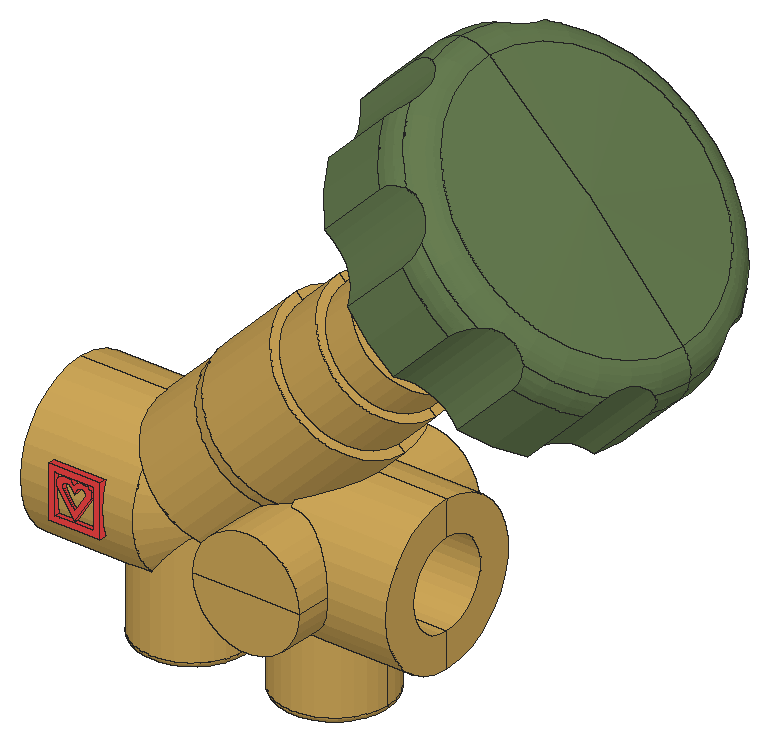
Revit family "Absperrventil 4125 AWD", category Rohrzubehör, Revit 2021
Family settings
  Bemaßung runder Anschluss = Durchmesser verwenden
  Teiletyp = Unterbricht
  OmniClass-Nummer = 23.65.55.14
  OmniClass-Titel = Valves for Liquid Services
  Arbeitsebenenbasiert = Nein
  Immer vertikal = Ja
  Beim Laden mit Abzugskörper schneiden = Nein
  Gemeinsam genutzt = Nein
Parameters
  W01 = 45.00°  # constant formula
  Vorgabe-Ansicht = 0.000 mm
  URL = "www.herz-armaturen.at"
  Technisch möglicher Einsatz = " "  # constant formula
  Spindel = "Messing CW617N"  # constant formula
  SW01 = 60.00°  # constant formula
  SC_NennweiteBerechnet = 0
  SC_Dimension = ""
  SCTWSEQ = "FW;SBT_TYP_FW=\"109\";2"
  SCTWCODE = "04;00;02"  # constant formula
  S03 = 60.000 mm  # constant formula
  S02 [instance] = L06 + L09 + L12 + L15  # 77.900 mm
  S01 [instance] = R01 * 2  # 27.000 mm
  R12 [instance] = R01 - 1.000 mm  # 12.500 mm
  R11 [instance] = size_lookup("4125AWD_", "R11", 46.500 mm, Nennweite)  # 5.100 mm
  R100 = 1.000 mm  # constant formula
  R10 [instance] = size_lookup("4125AWD_", "R10", 46.500 mm, Nennweite)  # 8.000 mm
  R09 [instance] = size_lookup("4125AWD_", "R9", 46.500 mm, Nennweite)  # 10.500 mm
  R08 [instance] = size_lookup("4125AWD_", "R8", 46.500 mm, Nennweite)  # 12.000 mm
  R07 [instance] = size_lookup("4125AWD_", "R7", 46.500 mm, Nennweite)  # 13.500 mm
  R06 [instance] = size_lookup("4125AWD_", "R6", 43.000 mm, Nennweite)  # 13.000 mm
  R05 [instance] = Nennweite / 2  # 7.500 mm
  R04 [instance] = size_lookup("4125AWD_", "R4", 11.500 mm, Nennweite)  # 9.500 mm
  R03 = 9.500 mm  # constant formula
  R02 [instance] = Nennweite / 2  # 7.500 mm
  R01 [instance] = size_lookup("4125AWD_", "R1", 11.500 mm, Nennweite)  # 13.500 mm
  Oberteil = "entzinkungsbeständiges Messing CW626N"  # constant formula
  Nennweite [instance] = 15.000 mm
  Min. Durchfluss bei Dp 10 kPa [instance] = if(Nennweite = 15.000 mm, 0.5 L/s, if(Nennweite = 20.000 mm, 1.0 L/s, if(Nennweite = 25.000 mm, 1.75 L/s, if(Nennweite = 32.000 mm, 3.0 L/s, if(Nennweite = 40.000 mm, 4.0 L/s, if(Nennweite = 50.000 mm, 6.75 L/s, if(Nennweite = 65.000 mm, 11.0 L/s, if(Nennweite = 80.000 mm, 16.0 L/s, 0.0 L/s))))))))  # 0.5 L/s
  Medium = "Trinkwasser"  # constant formula
  Max. Gebrauchstemperatur (ÖVGW) = 65 °C  # constant formula
  Max. Differenzdruck auf geschlossenen Sitz = 1000000.0 Pa  # constant formula
  Max. Betriebstemperatur = 80 °C  # constant formula
  Max. Betriebsdruck (ÖVGW) = 1000000.0 Pa  # constant formula
  Max. Betriebsdruck = 2000000.0 Pa  # constant formula
  L16 [instance] = L01 / 2  # 10.000 mm
  L15 [instance] = size_lookup("4125AWD_", "L15", 12.400 mm, Nennweite)  # 12.400 mm
  L14 [instance] = size_lookup("4125AWD_", "L14", 81.000 mm, Nennweite)  # 6.000 mm
  L12 [instance] = size_lookup("4125AWD_", "L12", 81.000 mm, Nennweite)  # 26.000 mm
  L11 [instance] = size_lookup("4125AWD_", "L11", 60.000 mm, Nennweite)  # 6.700 mm
  L10 [instance] = size_lookup("4125AWD_", "L10", 20.000 mm, Nennweite)  # 9.300 mm
  L09 [instance] = size_lookup("4125AWD_", "L9", 11.000 mm, Nennweite)  # 17.000 mm
  L08 [instance] = size_lookup("4125AWD_", "L8", 35.000 mm, Nennweite)  # 20.000 mm
  L07 [instance] = size_lookup("4125AWD_", "L7", 35.000 mm, Nennweite)  # 12.500 mm
  L06 [instance] = size_lookup("4125AWD_", "L6", 118.000 mm, Nennweite) - L09  # 22.500 mm
  L05 [instance] = size_lookup("4125AWD_", "L5", 44.000 mm, Nennweite)  # 20.500 mm
  L04 [instance] = size_lookup("4125AWD_", "L4", 45.000 mm, Nennweite)  # 19.500 mm
  L03 = 15.000 mm  # constant formula
  L02 [instance] = size_lookup("4125AWD_", "L2", 22.000 mm, Nennweite)  # 6.000 mm
  L01 [instance] = size_lookup("4125AWD_", "L1", 48.000 mm, Nennweite)  # 20.000 mm
  L00 [instance] = size_lookup("4125AWD_", "L", 180.000 mm, Nennweite)  # 65.000 mm
  Kegel = "entzinkungsbeständiges Messing CW626N"  # constant formula
  Hinweis = "Gemäß Art 33 der REACH-Verordnung (EG Nr. 1907/2006) sind wir verpflichtet, darauf hinzuweisen, dass der Stoff Blei auf der SVHC-Liste geführt wird und dass alle aus Messing bestehenden Bauteile, die in unseren Erzeugnissen verarbeitet sind, mehr als 0,1 % (w/w) Blei (CAS: 7439-92-1 / EINECS: 231-100-4) enthalten.\r\nDa Blei als Legierungsbestandteil fest gebunden ist, sind keine Expositionen zu erwarten und daher sind keine zusätzlichen Angaben zur sicheren Verwendung notwendig."
  Hersteller = "HERZ Armaturen Ges.m.b.H."  # constant formula
  Handrad = "Kunststoff, grün"  # constant formula
  H01 [instance] = size_lookup("4125AWD_", "H1", 53.000 mm, Nennweite)  # 24.000 mm
  Gelegentliche Temperaturanstiege = "bis 95°C, wenn sie nicht länger als 1 h andauern"  # constant formula
  Gehäuse = "entzinkungsbeständiges Gussmessing CC770S"  # constant formula
  Dichtungen = "EPDM nach KTW"  # constant formula
  DN80 [instance] = Nennweite = 80.000 mm  # no
  DN65 [instance] = Nennweite = 65.000 mm  # no
  DN50 [instance] = Nennweite = 50.000 mm  # no
  DN40 [instance] = Nennweite = 40.000 mm  # no
  DN32 [instance] = Nennweite = 32.000 mm  # no
  DN25 [instance] = Nennweite = 25.000 mm  # no
  DN20 [instance] = Nennweite = 20.000 mm  # no
  DN15 [instance] = Nennweite = 15.000 mm  # yes
  Bestellnummer [instance] = size_lookup("4125AWD_", "Artnr", 0, Nennweite)  # 2412571
  Anwendungsgebiet = "Zum Absperren von Trinkwasserleitungen in Gebäuden."
Reference planes
  plane 1 "Mitte (Vorne/hinten)": y = 0
  plane 2: z = 0
  plane 3 "Mitte (Links/rechts)": x = 0
Forms (mm)
  Revolve 1, solid, material "Messing, weicher Gelbton, geschweißt", detail levels fine
    sketch origin (470, 0, 0) x (1, 0, 0) y (0, 0, 1)
      loop
        line (-502.5, 7.5) -> (-487.5, 7.5) -> (-487.5, 0) -> (-452.5, 0) -> (-452.5, 7.5) -> (-437.5, 7.5) -> (-437.5, 13.5) -> (-457.5, 13.5) -> (-464, 7.5) -> (-476, 7.5) -> (-482.5, 13.5) -> (-502.5, 13.5) -> (-502.5, 7.5)
      axis (-502.5, 0) -> (-437.5, 0)
    angle from 0 to 360
  Revolve 2, solid, material "Messing, weicher Gelbton, geschweißt", detail levels fine
    sketch origin (470, 0, 0) x (1, 0, 0) y (0, 0, 1)
      loop
        line (-492, 0) -> (-492, -23)
        arc (-492, -23) -> (-491.707, -23.707) -> (-491, -24) r 1
        line (-491, -24) -> (-482.5, -24) -> (-482.5, 0) -> (-492, 0)
      axis (-482.5, 0) -> (-482.5, -24)
    angle from 0 to 360
  Revolve 3, solid, material "Messing, weicher Gelbton, geschweißt", detail levels fine
    sketch origin (0, 0, 0) x (1, 0, 0) y (0, 1, 0)
      loop
        line (12.5, -19.5) -> (22, -19.5) -> (22, 20.5) -> (12.5, 20.5) -> (12.5, -19.5)
      axis (12.5, -19.5) -> (12.5, 20.5)
    angle from 0 to 360
  Revolve 4, solid, material "Messing, weicher Gelbton, geschweißt", detail levels fine
    sketch origin (-470, 0, 0) x (-1, 0, 0) y (0, 0, 1)
      loop
        line (-492, 0) -> (-492, -23)
        arc (-492, -23) -> (-491.707, -23.707) -> (-491, -24) r 1
        line (-491, -24) -> (-482.5, -24) -> (-482.5, 0) -> (-492, 0)
      axis (-482.5, 0) -> (-482.5, -24)
    angle from 0 to 360
  Revolve 5, solid, material "Messing, weicher Gelbton, geschweißt", detail levels fine
    sketch origin (0.32, 0, -0.105) x (1, 0, 0) y (0, 0, 1)
      loop
        line (-12.82, 0) -> (42.264, 55.084) -> (38.657, 58.69) -> (29.889, 49.922) -> (27.839, 51.972) -> (20.767, 44.901) -> (19, 46.669) -> (14.262, 41.931) -> (13.201, 42.992) -> (6.625, 36.416) -> (5.565, 37.477) -> (-6.456, 25.456) -> (-7.87, 23.335) -> (-17.77, 13.435) -> (-18.123, 5.303) -> (-12.82, 0)
      axis (-12.82, 0) -> (42.264, 55.084)
    angle from 0 to 360
Lines and regions (mm)
  model lines, detail levels coarse+medium
    curve 1: line (-32.5, 0, 13.5) -> (-32.5, 0, -13.5)
    curve 2: line (-32.5, 0, -13.5) -> (32.5, 0, 13.5)
    curve 3: line (32.5, 0, 13.5) -> (32.5, 0, -13.5)
    curve 4: line (32.5, 0, -13.5) -> (-32.5, 0, 13.5)
    curve 5: line (0, 0, 0) -> (38.95, 0, 67.463)
    curve 6: line (12.969, 0, 82.463) -> (64.931, 0, 52.463)
    curve 7: line (-32.5, -13.5, 0) -> (-32.5, 13.5, 0)
    curve 8: line (-32.5, 13.5, 0) -> (32.5, -13.5, 0)
    curve 9: line (32.5, -13.5, 0) -> (32.5, 13.5, 0)
    curve 10: line (32.5, 13.5, 0) -> (-32.5, -13.5, 0)
    curve 11: line (0, 0, 0) -> (38.95, 67.463, 0)
    curve 12: line (12.969, 82.463, 0) -> (64.931, 52.463, 0)
Dimensions and locks
  "H01": plane 2 to Revolve 2 sketch curve
  "L00": Revolve 1 sketch curve to Revolve 1 sketch curve
  equal spacing: Revolve 1 sketch curve, plane 3 "Mitte (Links/rechts)", Revolve 1 sketch curve
  "R01": Revolve 1 sketch curve to Revolve 1 sketch curve  (x2)
  "R02": Revolve 1 sketch curve to Revolve 1 sketch curve  (x3)
  "L01": Revolve 1 sketch curve to Revolve 1 sketch curve  (x2)
  "L02": plane 3 "Mitte (Links/rechts)" to Revolve 1 sketch curve
  "L02": Revolve 1 sketch curve to plane 3 "Mitte (Links/rechts)"
  "L03": Revolve 1 sketch curve to Revolve 1 sketch curve  (x2)
  "L01": Revolve 1 to Revolve 2 sketch curve
  "R03": Revolve 2 sketch curve to Revolve 2 sketch curve
  "L01": Revolve 4 sketch curve to Revolve 1
  "R03": Revolve 4 sketch curve to Revolve 4 sketch curve
  "H01": plane 2 to Revolve 4 sketch curve
  "L04": Revolve 3 sketch curve to plane 1 "Mitte (Vorne/hinten)"
  "L05": plane 1 "Mitte (Vorne/hinten)" to Revolve 3 sketch curve
  "R04": Revolve 3 sketch curve to Revolve 3 sketch curve
  "L01": Revolve 3 sketch curve to Revolve 1
  "R07": Revolve 5 sketch curve to Revolve 5 sketch curve
  "L07": plane 3 "Mitte (Links/rechts)" to Revolve 5 sketch curve
  "R05": Revolve 5 sketch curve to Revolve 5 sketch curve
  "L06": Revolve 5 sketch curve to Revolve 5 sketch curve
  "L08": Revolve 5 sketch curve to Revolve 5 sketch curve
  "R06": Revolve 5 sketch curve to Revolve 5 sketch curve
  "L14": Revolve 5 sketch curve to Revolve 5 sketch curve
  "L09": Revolve 5 sketch curve to Revolve 5 sketch curve
  "R08": Revolve 5 sketch curve to Revolve 5 sketch curve
  "L10": Revolve 5 sketch curve to Revolve 5 sketch curve
  "R09": Revolve 5 sketch curve to Revolve 5 sketch curve
  "R10": Revolve 5 sketch curve to Revolve 5 sketch curve
  "L12": Revolve 5 sketch curve to Revolve 5 sketch curve
  "R11": Revolve 5 sketch curve to Revolve 5 sketch curve
  "L15": Revolve 5 sketch curve to Revolve 5 sketch curve
  "L11": Revolve 5 sketch curve to Revolve 5 sketch curve
  "R12": nested 9 to plane 1 "Mitte (Vorne/hinten)"
  "L16": Revolve 1 to nested 9
  equal spacing: curve 1, plane 3 "Mitte (Links/rechts)", curve 3
  "L00": curve 1 to curve 3
  equal spacing: curve 4, plane 2, curve 2
  "S01": curve 4 to curve 1
  "S01": curve 3 to curve 4
  equal spacing: curve 3, plane 2, curve 4
  "S02": curve 5 to curve 5
  equal spacing: curve 6, curve 5, curve 6
  "S03": curve 6 to curve 6
  equal spacing: curve 7, plane 3 "Mitte (Links/rechts)", curve 9
  "L00": curve 7 to curve 9
  equal spacing: curve 10, plane 1 "Mitte (Vorne/hinten)", curve 8
  "S01": curve 8 to curve 10
  equal spacing: curve 9, plane 1 "Mitte (Vorne/hinten)", curve 10
  "S01": curve 10 to curve 9
  "S02": curve 11 to curve 11
  equal spacing: curve 12, curve 11, curve 12
  "S03": curve 12 to curve 12
  "R100": radius of Revolve 2 sketch curve
  "R100": radius of Revolve 4 sketch curve
  "W01": angle plane 2 to Revolve 5 sketch curve
  "W01": angle level to Revolve 5 sketch curve
  "SW01": angle plane 2 to curve 5
  "SW01": angle plane 1 "Mitte (Vorne/hinten)" to curve 11
  aligned and locked: level to plane 2
Automatic sketch dimensions
  curve 5 to level = 0.000 mm
  plane 1 "Mitte (Vorne/hinten)" to curve 11 = 0.000 mm
  Revolve 1 sketch curve to level = 0.000 mm  (x2)
  Revolve 1 sketch curve to Revolve 1 sketch curve = 791.990 mm
  Revolve 1 sketch curve to Revolve 1 sketch curve = 2278.983 mm
  Revolve 2 sketch curve to level = 0.000 mm  (x2)
  Revolve 2 sketch curve to Revolve 2 sketch curve = 0.000 mm
  Revolve 2 sketch curve to Revolve 2 sketch curve = 0.292 mm
  Revolve 3 sketch curve to Revolve 3 sketch curve = 0.000 mm  (x3)
  Revolve 4 sketch curve to level = 0.000 mm  (x2)
  Revolve 4 sketch curve to Revolve 4 sketch curve = 0.000 mm
  Revolve 4 sketch curve to Revolve 4 sketch curve = 0.292 mm
  Revolve 5 sketch curve to level = 0.105 mm
  Revolve 5 sketch curve to Revolve 5 sketch curve = 0.000 mm  (x2)
Nested families
  nested 1: "Strömax-Handrad_Schrägsitz (Grün)" at (42.584, 0, 54.979), visible <- "DN15", type "Strömax-Handrad_Schrägsitz (Grün)", detail levels fine
    with Nennweite 0.000 mm, Gewicht 0.00 kg, Bestellnummer 0
  nested 2: "Strömax-Handrad_Schrägsitz (Grün)" at (54.312, 0, 67.707), visible <- "DN20", type "Strömax-Handrad_Schrägsitz (Grün)", detail levels fine
    with Nennweite 0.000 mm, Gewicht 0.00 kg, Bestellnummer 0
  nested 3: "Strömax-Handrad_Schrägsitz (Grün)" at (62.469, 0, 80.364), visible <- "DN25", type "Strömax-Handrad_Schrägsitz (Grün)", detail levels fine
    with Nennweite 0.000 mm, Gewicht 0.00 kg, Bestellnummer 0
  nested 4: "Strömax-Handrad_Schrägsitz (Grün)" at (71.712, 0, 91.607), visible <- "DN32", type "Strömax-Handrad_Schrägsitz (Grün)", detail levels fine
    with Nennweite 0.000 mm, Gewicht 0.00 kg, Bestellnummer 0
  nested 5: "Strömax-Handrad_Schrägsitz (Grün)" at (80.399, 0, 101.294), visible <- "DN40", type "Strömax-Handrad_Schrägsitz (Grün)", detail levels fine
    with Nennweite 0.000 mm, Gewicht 0.00 kg, Bestellnummer 0
  nested 6: "Strömax-Handrad_Schrägsitz (Grün)" at (97.83, 0, 129.225), visible <- "DN50", type "Strömax-Handrad_Schrägsitz (Grün)", detail levels fine
    with Nennweite 0.000 mm, Gewicht 0.00 kg, Bestellnummer 0
  nested 7: "Strömax-Handrad_Schrägsitz (Grün)" at (114.482, 0, 149.378), visible <- "DN65", type "Strömax-Handrad_Schrägsitz (Grün)", detail levels fine
    with Nennweite 0.000 mm, Gewicht 0.00 kg, Bestellnummer 0
  nested 8: "Strömax-Handrad_Schrägsitz (Grün)" at (140.423, 0, 183.319), visible <- "DN80", type "Strömax-Handrad_Schrägsitz (Grün)", detail levels fine
    with Nennweite 0.000 mm, Gewicht 0.00 kg, Bestellnummer 0
  nested 9: "Herz-Logo-vorne" at (-22.5, -13.232, 0) x (0, 1, 0) z (0, 0, 1), type "Herz-Logo-vorne", detail levels fine
Connectors
  piping at (-17.5, 0, 0), diameter 15, driven by "Nennweite"
    settings: on Revolve 1, index 1, connector inside diameter 609.6 mm, connector length 0.000 mm, flow factor 0, pipe flow 0.0 L/s, pressure drop 0.0 Pa, fitting loss kfactor 0, connector angle 0.00°, fixture units 0, engagement length 0.000 mm, angle of deflection 0.00°, flow configuration 0, flow direction 1, fitting loss method 0, system type 29, joint type 0, gender type 0, connector reference index -1, connector utility 0, adjustable connector no, is connector primary yes, connector description ""
  piping at (17.5, 0, 0), diameter 15, driven by "Nennweite"
    settings: on Revolve 1, index 2, connector inside diameter 609.6 mm, connector length 0.000 mm, flow factor 0, pipe flow 0.0 L/s, pressure drop 0.0 Pa, fitting loss kfactor 0, connector angle 0.00°, fixture units 0, engagement length 0.000 mm, angle of deflection 0.00°, flow configuration 0, flow direction 2, fitting loss method 0, system type 29, joint type 0, gender type 0, connector reference index -1, connector utility 0, adjustable connector no, is connector primary no, connector description ""
Definition of nested family "Strömax-Handrad_Schrägsitz (Grün)"
  Parameters (values of type "Strömax-Handrad_Schrägsitz (Grün)")
    Default Elevation = 0.000 mm
    URL = "www.herz-armaturen.at"
    Nennweite [instance] = 0.000 mm
    Manufacturer = "Herz Armaturen GmbH"  # constant formula
    Gewicht [instance] = 0.00 kg
    Bestellnummer [instance] = 0
  Reference planes
    plane 1 "Mitte (Vorne/hinten)": y = 0
    plane 2: z = 0
    plane 3 "Mitte (Links/rechts)": x = 0
  Forms (mm)
    Revolve 1, solid
      sketch origin (0, 0, 0) x (0.707107, 0, -0.707107) y (0.707107, 0, 0.707107)
        loop
          line (0, 0) -> (0, 22)
          arc (0, 22) -> (-12.15, 21.705) -> (-24.271, 20.819) r 250
          arc (-24.271, 20.819) -> (-26.831, 19.959) -> (-28.754, 18.063) r 6
          arc (-28.754, 18.063) -> (-29.682, 16.008) -> (-30, 13.776) r 8
          line (-30, 13.776) -> (-30, 0) -> (0, 0)
        axis (0, 22) -> (0, 0)
      angle from 0 to 360
    Extrusion 2, void
      sketch origin (0, 0, 0) x (0.707107, 0, -0.707107) y (0, 1, 0)
        loop
          circle (14.351, -34.645) r 10
      from 0 to 22
    Extrusion 3, void
      sketch origin (0, 0, 0) x (-0.707107, 0, 0.707107) y (0, -1, 0)
        loop
          circle (14.351, 34.645) r 10
      from 0 to 22
    Extrusion 4, void
      sketch origin (0, 0, 0) x (0, -1, 0) y (0.707107, 0, -0.707107)
        loop
          circle (14.351, 34.645) r 10
      from 0 to 22
    Extrusion 5, void
      sketch origin (0, 0, 0) x (0, 1, 0) y (-0.707107, 0, 0.707107)
        loop
          circle (14.351, -34.645) r 10
      from 0 to 22
    Extrusion 6, void
      sketch origin (0, 0, 0) x (0, -1, 0) y (0.707107, 0, -0.707107)
        loop
          circle (14.351, -34.645) r 10
      from 0 to 22
    Extrusion 7, void
      sketch origin (0, 0, 0) x (0, 1, 0) y (-0.707107, 0, 0.707107)
        loop
          circle (14.351, 34.645) r 10
      from 0 to 22
    Extrusion 8, void
      sketch origin (0, 0, 0) x (0.707107, 0, -0.707107) y (0, 1, 0)
        loop
          circle (14.351, 34.645) r 10
      from 0 to 22
    Extrusion 9, void
      sketch origin (0, 0, 0) x (-0.707107, 0, 0.707107) y (0, -1, 0)
        loop
          circle (14.351, -34.645) r 10
      from 0 to 22
  Cuts and joins
    Extrusion 2, Extrusion 3, Extrusion 4, Extrusion 5, Extrusion 6, Extrusion 7, Extrusion 8, Extrusion 9 cuts Revolve 1
  Dimensions and locks
    aligned and locked: level to plane 2
Definition of nested family "Herz-Logo-vorne"
  Parameters (values of type "Herz-Logo-vorne")
    Default Elevation = 0.000 mm
  Reference planes
    plane 1 "Mitte (Vorne/hinten)": y = 0
    plane 2: z = 0
    plane 3 "Mitte (Links/rechts)": x = 0
  Forms (mm)
    Extrusion 1, solid
      sketch origin (0.732, -0.018, 0.017) x (0, -1, 0) y (0, 0, 1)
        loop
          line (-0.018, -4.517) -> (4.482, -4.517) -> (4.482, 4.483) -> (-4.518, 4.483) -> (-4.518, -4.517) -> (-0.018, -4.517)
        loop
          line (-0.05, -3.48) -> (3.482, -3.48) -> (3.482, 3.483) -> (-3.518, 3.483) -> (-3.518, -3.48) -> (-0.05, -3.48)
        loop
          arc (-0.018, 2.383) -> (-1.543, 3.287) -> (-3.067, 2.383) r 1.738
          arc (-3.067, 2.383) -> (-3.191, 1.899) -> (-3.067, 1.415) r 1.009
          line (-3.067, 1.415) -> (-0.018, -3.281) -> (3.032, 1.415)
          arc (3.032, 1.415) -> (3.156, 1.899) -> (3.032, 2.383) r 1.009
          arc (3.032, 2.383) -> (1.507, 3.287) -> (-0.018, 2.383) r 1.738
        loop
          arc (1.885, 1.272) -> (2.005, 1.675) -> (1.885, 2.079) r 0.74
          arc (1.885, 2.079) -> (1.265, 2.416) -> (0.644, 2.079) r 0.74
          line (0.644, 2.079) -> (-0.018, 0.97) -> (-0.679, 2.079)
          arc (-0.679, 2.079) -> (-1.3, 2.416) -> (-1.921, 2.079) r 0.74
          arc (-1.921, 2.079) -> (-2.04, 1.675) -> (-1.921, 1.272) r 0.74
          line (-1.921, 1.272) -> (-0.018, -1.658) -> (1.885, 1.272)
      from 0 to 1.5
  Dimensions and locks
    aligned and locked: level to plane 2
